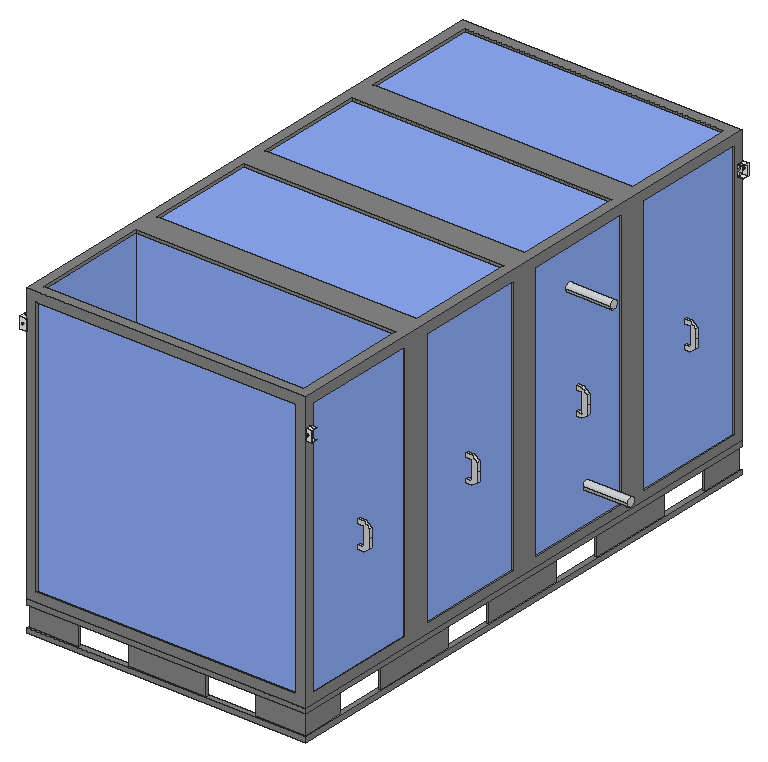
Revit family "34.1 Секция фильтрования, вод. нагр. и вент. выброс вверх и резервным эл.двигателем ANR A2 REZ", category Оборудование, Revit 2016
Family settings
  Тип детали = Нормальный
  Размер круглого соединителя = Использовать диаметр
  На основе рабочей плоскости = Нет
  Всегда вертикально = Да
  При загрузке вырезать с полостями = Нет
  Общий = Нет
  Точка расчета площади = Нет
Parameters (values of type "ANR 6 A2 REZ")
  Ширина = А - 75 mm  # 1025 mm
  Ш2 = Д2 - 80 mm  # 452.5 mm
  Синий = Синий
  Середина = h + Б1 / 2  # 670 mm
  Размер В = 735 mm
  Г = 85 mm  # constant formula
  Д3 = Д1 / 8  # 266.25 mm
  Д2 = Д1 / 4  # 532.5 mm
  Д1 = Д - 20 mm  # 2130 mm
  Д = 2150 mm  # constant formula
  ножки(да/нет) [instance] = no
  Высота = Б - 75 mm  # 1025 mm
  Б1 = Б - 20 mm  # 1080 mm
  А1 = А - 20 mm  # 1080 mm
  А = 1100 mm
  высота ножек = 120 mm
  Б = 1100 mm
  Частотный преобразователь [instance] = no
  Частота вращения n, об/мин = ""
  Тип, марка, обозначение = "ANR 6 A2 REZ"
  Сила тока J, А = ""
  Регулятор расхода [instance] = no
  Раздел = "ОВ"
  Примечание = ""
  Позиция = ""
  Напряжение U,В = ""
  Наименование и тех.хар-ка = "Секция фильтрования EU4, водяного нагрева вместе с вентилятором выброс вверх"  # constant formula
  Мощность двигателя N,Вт = ""
  Материал = Сталь серая
  Масса единицы = ""
  Код, оборудования = ""
  Ключевая пометка = "Вентиляция"
  Задание электрикам [instance] = no
  Задание автоматчикам [instance] = no
  Завод изготовитель = "KORF"  # constant formula
  Единица измерения = "шт."  # constant formula
  h = высота ножек + 10 mm  # 130 mm
  d = 31.8 mm
Types (4, lengths in mm): name | Ширина | Середина | Размер В | Высота | Б1 | А1 | А | Б | Тип, марка, обозначение | d
  ANR 6 A2 REZ | 1025 | 670 | 735 | 1025 | 1080 | 1080 | 1100 | 1100 | "ANR 6 A2 REZ" | 31.8
  ANR 7 A2 REZ | 1025 | 780 | 985 | 1245 | 1300 | 1080 | 1100 | 1320 | "ANR 7 A2 REZ" | 38.1
  ANR 8 A2 REZ | 1245 | 780 | 985 | 1245 | 1300 | 1300 | 1320 | 1320 | "ANR 8 A2 REZ" | 38.1
  ANR 12 A2 REZ | 1360 | 837.5 | 1060 | 1360 | 1415 | 1415 | 1435 | 1435 | "ANR 12 A2 REZ" | 50.8
Reference planes
  plane 1 "По центру (Вперед/Назад)": y = 0
  plane 2: z = 0
  plane 3 "По центру (Влево/Вправо)": x = 0
  plane 4: x = -540
  plane 5: x = 540
  plane 6: y = 1065
  plane 7: y = -1065
  plane 8: z = 1210
  plane 9: z = 130
  plane 10: z = 670
  plane 11: z = 1110
  plane 12: x = 590
  plane 13: z = 1220
  plane 14: x = 725
  plane 15: y = -532.5
  plane 16: y = 532.5
  plane 17: y = -480.5
  plane 18: y = -584.474
  plane 19: y = 480.5
  plane 20: y = 584.5
  plane 21: y = 798.75
  plane 22: y = -798.75
  plane 23: x = 550
  plane 24: y = 898.75
  plane 25: y = 698.75
  plane 26: y = -898.75
  plane 27: y = -698.75
  plane 28: z = 120
  plane 29: y = 266.25
  plane 30: y = -266.25
  plane 31: y = 52
  plane 32: y = -52
  plane 33: y = -366.25
  plane 34: y = -166.25
  plane 35: y = 166.25
  plane 36: y = 366.25
  plane 37: x = -550
  plane 38: y = 223.75
  plane 39: y = 308.75
  plane 40: z = 1037.5
  plane 41: z = 302.5
  plane 42: y = 850.75
  plane 43: y = 746.75
  plane 44: z = 1220
Forms (mm)
  Extrusion 1, solid, material "Синий" <- "Синий", detail levels fine
    sketch origin (0, 0, 50) x (1, 0, 0) y (0, 1, 0)
      loop
        line (-540, 1065) -> (-540, -1065) -> (540, -1065) -> (540, 1065) -> (-540, 1065)
    from 80 to 1160
  Sweep 2, solid, material "Сталь серая" <- "Материал", detail levels fine
    path origin (540, -1065, 50) x (-1, 0, 0) y (0, 0, -1)
      loop
        line (0, -1160) -> (1080, -1160) -> (1080, -80) -> (0, -80) -> (0, -1160)
    profile "Профиль уголок 10х10 : Профиль уголок 10х10" origin (0, -1065, 1210) x (0, 0, -1) y (0, -1, 0)
      loop
        line (0, -27.5) -> (0, 0) -> (27.5, 0) -> (27.5, 10) -> (-10, 10) -> (-10, -27.5) -> (0, -27.5)
  Sweep 3, solid, material "Сталь серая" <- "Материал", detail levels fine
    path origin (-540, 1065, 50) x (1, 0, 0) y (0, 0, -1)
      loop
        line (0, -1160) -> (1080, -1160) -> (1080, -80) -> (0, -80) -> (0, -1160)
    profile "Профиль уголок 10х10 : Профиль уголок 10х10" origin (0, 1065, 1210) x (0, 0, -1) y (0, 1, 0)
      loop
        line (0, -27.5) -> (0, 0) -> (27.5, 0) -> (27.5, 10) -> (-10, 10) -> (-10, -27.5) -> (0, -27.5)
  Sweep 4, solid, material "Сталь серая" <- "Материал", detail levels fine
    path origin (540, 1065, 50) x (0, -1, 0) y (0, 0, -1)
      loop
        line (0, -1160) -> (2130, -1160) -> (2130, -80) -> (0, -80) -> (0, -1160)
    profile "Профиль уголок 10х10 : Профиль уголок 10х10" origin (540, 0, 1210) x (0, 0, -1) y (1, 0, 0)
      loop
        line (0, -27.5) -> (0, 0) -> (27.5, 0) -> (27.5, 10) -> (-10, 10) -> (-10, -27.5) -> (0, -27.5)
  Sweep 5, solid, material "Сталь серая" <- "Материал", detail levels fine
    path origin (-540, -1065, 50) x (0, 1, 0) y (0, 0, -1)
      loop
        line (0, -1160) -> (2130, -1160) -> (2130, -80) -> (0, -80) -> (0, -1160)
    profile "Профиль уголок 10х10 : Профиль уголок 10х10" origin (-540, 0, 1210) x (0, 0, -1) y (-1, 0, 0)
      loop
        line (0, -27.5) -> (0, 0) -> (27.5, 0) -> (27.5, 10) -> (-10, 10) -> (-10, -27.5) -> (0, -27.5)
  Extrusion 6, void, not visible
    sketch origin (-345, -245, 50) x (0, -1, 0) y (0, 0, -1)
      loop
        line (-477.965, -475) -> (-477.965, -450) -> (-528.913, -450) -> (-528.913, -475) -> (-477.965, -475)
    from -47.452 to 12
  Sweep 7, solid, material "Сталь серая" <- "Материал", detail levels fine
    path origin (0, 0, 0) x (1, 0, 0) y (0, 1, 0)
      loop
        line (-540, 1065) -> (-540, -1065) -> (540, -1065) -> (540, 1065) -> (-540, 1065)
    profile "Семейство1 : Семейство1" origin (0, 1065, 0) x (0, 1, 0) y (0, 0, 1)
      loop
        line (-10, 120) -> (-10, 100) -> (-3.38, 100) -> (-3.38, 20) -> (-10, 20) -> (-10, 0) -> (10, 0) -> (10, 20) -> (3.38, 20) -> (3.38, 100) -> (10, 100) -> (10, 120) -> (-10, 120)
  Extrusion 8, void
    sketch origin (0, 0, 0) x (1, 0, 0) y (0, 0, 1)
      loop
        line (152.369, 100) -> (152.369, 20) -> (348.798, 20) -> (348.798, 100) -> (152.369, 100)
      loop
        line (-152.369, 100) -> (-348.798, 100) -> (-348.798, 20) -> (-152.369, 20) -> (-152.369, 100)
    from -1075 to 1075
  Extrusion 9, solid, material "Сталь серая" <- "Материал", detail levels fine
    sketch origin (560, -260, 0) x (0, 1, 0) y (0, 0, 1)
      loop
        line (-324.474, 1182.5) -> (-324.474, 157.5) -> (-220.5, 157.5) -> (-220.5, 1182.5) -> (-324.474, 1182.5)
    from -10 to -20
  Extrusion 10, solid, material "Сталь серая" <- "Материал", detail levels fine
    sketch origin (560, 262.3, -4.8) x (0, 1, 0) y (0, 0, 1)
      loop
        line (218.2, 1187.3) -> (218.2, 162.3) -> (322.2, 162.3) -> (322.2, 1187.3) -> (218.2, 1187.3)
    from -10 to -20
  Extrusion 11, solid, material "Сталь серая" <- "Материал", detail levels fine
    sketch origin (560, -237.9, -24.6) x (0, 1, 0) y (0, 0, 1)
      loop
        line (185.9, 1207.1) -> (185.9, 182.1) -> (289.9, 182.1) -> (289.9, 1207.1) -> (185.9, 1207.1)
    from -10 to -20
  Extrusion 12, solid, material "Сталь серая" <- "Материал", detail levels fine
    sketch origin (0, 0, 0) x (1, 0, 0) y (0, 1, 0)
      loop
        line (-512.5, 52) -> (-512.5, -52) -> (540, -52) -> (540, 52) -> (-512.5, 52)
    from 1210 to 1220
  Extrusion 13, void
    sketch origin (0, 0, 0) x (0, 1, 0) y (0, 0, 1)
      loop
        line (-898.75, 100) -> (-898.75, 20) -> (-698.75, 20) -> (-698.75, 100) -> (-898.75, 100)
      loop
        line (-366.25, 100) -> (-366.25, 20) -> (-166.25, 20) -> (-166.25, 100) -> (-366.25, 100)
      loop
        line (166.25, 100) -> (166.25, 20) -> (366.25, 20) -> (366.25, 100) -> (166.25, 100)
      loop
        line (698.75, 100) -> (698.75, 20) -> (898.75, 20) -> (898.75, 100) -> (698.75, 100)
    from -550 to 550
  Extrusion 14, solid, detail levels fine
    sketch origin (0, 0, 0) x (0, 1, 0) y (0, 0, 1)
      loop
        circle (223.75, 1037.5) r 15.9
    from 550 to 725
  Extrusion 15, solid, detail levels fine
    sketch origin (0, 0, 0) x (0, 1, 0) y (0, 0, 1)
      loop
        circle (308.75, 302.5) r 15.9
    from 550 to 725
  Extrusion 16, solid, material "Сталь серая" <- "Материал", detail levels fine
    sketch origin (-87.5, -684.75, 0) x (1, 0, 0) y (0, 1, 0)
      loop
        line (-425, 1269.25) -> (-425, 1165.25) -> (627.5, 1165.25) -> (627.5, 1269.25) -> (-425, 1269.25)
    from 1210 to 1220
  Extrusion 17, solid, material "Сталь серая" <- "Материал", detail levels fine
    sketch origin (0, -419.827, 0) x (1, 0, 0) y (0, 1, 0)
      loop
        line (-512.5, -60.673) -> (-512.5, -164.648) -> (540, -164.648) -> (540, -60.673) -> (-512.5, -60.673)
    from 1210 to 1220
  Extrusion 18, void
    sketch origin (0, 0, 0) x (1, 0, 0) y (0, 1, 0)
      loop
        line (512.5, -1037.5) -> (512.5, -584.474) -> (-512.5, -584.474) -> (-512.5, -1037.5) -> (512.5, -1037.5)
    from 157.5 to 1696.937
Cuts and joins
  joined: Sweep 2, Sweep 3, Sweep 4, Sweep 5, Extrusion 9, Extrusion 10, Extrusion 11, Extrusion 12, Extrusion 16, Extrusion 17
  Extrusion 8, Extrusion 13 cuts Sweep 7
  Extrusion 18 cuts Extrusion 1
Lines and regions (mm)
  model lines, detail levels coarse
    curve 1: line (-550, 1075, 0) -> (550, 1075, 0)
    curve 2: line (-550, -1075, 0) -> (-550, 1075, 0)
    curve 3: line (550, -1075, 0) -> (-550, -1075, 0)
    curve 4: line (550, 1075, 0) -> (550, -1075, 0)
    curve 33: circle (0, 266.25, 0) r 210 normal (0, 0, 1)
    curve 34: line (0, 476.25, 0) -> (0, 56.25, 0)
    curve 35: line (-210, 266.25, 0) -> (210, 266.25, 0)
    curve 36: circle (0, -532.5, 0) r 240 normal (0, 0, 1)
    curve 37: line (0, -772.5, 0) -> (-211.907, -419.827, 0)
    curve 38: line (0, -772.5, 0) -> (211.907, -419.827, 0)
    curve 39: line (-211.907, -419.827, 0) -> (211.907, -419.827, 0)
    curve 40: line (-523.076, 747.57, 0) -> (-503.076, 747.57, 0)
    curve 41: line (-503.076, 747.57, 0) -> (-464.915, 943.896, 0)
    curve 42: line (-464.915, 943.896, 0) -> (-414.915, 943.896, 0)
    curve 43: line (-376.753, 747.57, 0) -> (-414.915, 943.896, 0)
    curve 44: line (-376.753, 747.57, 0) -> (-356.753, 747.57, 0)
    curve 45: line (-356.753, 747.57, 0) -> (-318.591, 943.896, 0)
    curve 46: line (-318.591, 943.896, 0) -> (-268.591, 943.896, 0)
    curve 47: line (-230.429, 747.57, 0) -> (-268.591, 943.896, 0)
    curve 48: line (-230.429, 747.57, 0) -> (-210.429, 747.57, 0)
    curve 49: line (-210.429, 747.57, 0) -> (-172.267, 943.896, 0)
    curve 50: line (-172.267, 943.896, 0) -> (-122.267, 943.896, 0)
    curve 51: line (-84.106, 747.57, 0) -> (-122.267, 943.896, 0)
    curve 52: line (-84.106, 747.57, 0) -> (-64.106, 747.57, 0)
    curve 53: line (-64.106, 747.57, 0) -> (-25.944, 943.896, 0)
    curve 54: line (-25.944, 943.896, 0) -> (24.056, 943.896, 0)
    curve 55: line (62.218, 747.57, 0) -> (24.056, 943.896, 0)
    curve 56: line (62.218, 747.57, 0) -> (82.218, 747.57, 0)
    curve 57: line (82.218, 747.57, 0) -> (120.38, 943.896, 0)
    curve 58: line (120.38, 943.896, 0) -> (170.38, 943.896, 0)
    curve 59: line (208.542, 747.57, 0) -> (170.38, 943.896, 0)
    curve 60: line (208.542, 747.57, 0) -> (228.542, 747.57, 0)
    curve 61: line (228.542, 747.57, 0) -> (266.703, 943.896, 0)
    curve 62: line (266.703, 943.896, 0) -> (316.703, 943.896, 0)
    curve 63: line (354.865, 747.57, 0) -> (316.703, 943.896, 0)
    curve 64: line (354.865, 747.57, 0) -> (374.865, 747.57, 0)
    curve 65: line (374.865, 747.57, 0) -> (413.027, 943.896, 0)
    curve 66: line (413.027, 943.896, 0) -> (463.027, 943.896, 0)
    curve 67: line (501.189, 747.57, 0) -> (463.027, 943.896, 0)
    curve 157: line (-550, 532.5, 0) -> (550, 532.5, 0)
    curve 158: line (-550, 0, 0) -> (550, 0, 0)
  model lines, not visible, detail levels coarse
    curve 5: line (-523.076, -747.57, 0) -> (-503.076, -747.57, 0)
    curve 6: line (-503.076, -747.57, 0) -> (-464.915, -943.896, 0)
    curve 7: line (-464.915, -943.896, 0) -> (-414.915, -943.896, 0)
    curve 8: line (-376.753, -747.57, 0) -> (-414.915, -943.896, 0)
    curve 9: line (-376.753, -747.57, 0) -> (-356.753, -747.57, 0)
    curve 10: line (-356.753, -747.57, 0) -> (-318.591, -943.896, 0)
    curve 11: line (-318.591, -943.896, 0) -> (-268.591, -943.896, 0)
    curve 12: line (-230.429, -747.57, 0) -> (-268.591, -943.896, 0)
    curve 13: line (-230.429, -747.57, 0) -> (-210.429, -747.57, 0)
    curve 14: line (-210.429, -747.57, 0) -> (-172.267, -943.896, 0)
    curve 15: line (-172.267, -943.896, 0) -> (-122.267, -943.896, 0)
    curve 16: line (-84.106, -747.57, 0) -> (-122.267, -943.896, 0)
    curve 17: line (-84.106, -747.57, 0) -> (-64.106, -747.57, 0)
    curve 18: line (-64.106, -747.57, 0) -> (-25.944, -943.896, 0)
    curve 19: line (-25.944, -943.896, 0) -> (24.056, -943.896, 0)
    curve 20: line (62.218, -747.57, 0) -> (24.056, -943.896, 0)
    curve 21: line (62.218, -747.57, 0) -> (82.218, -747.57, 0)
    curve 22: line (82.218, -747.57, 0) -> (120.38, -943.896, 0)
    curve 23: line (120.38, -943.896, 0) -> (170.38, -943.896, 0)
    curve 24: line (208.542, -747.57, 0) -> (170.38, -943.896, 0)
    curve 25: line (208.542, -747.57, 0) -> (228.542, -747.57, 0)
    curve 26: line (228.542, -747.57, 0) -> (266.703, -943.896, 0)
    curve 27: line (266.703, -943.896, 0) -> (316.703, -943.896, 0)
    curve 28: line (354.865, -747.57, 0) -> (316.703, -943.896, 0)
    curve 29: line (354.865, -747.57, 0) -> (374.865, -747.57, 0)
    curve 30: line (374.865, -747.57, 0) -> (413.027, -943.896, 0)
    curve 31: line (413.027, -943.896, 0) -> (463.027, -943.896, 0)
    curve 32: line (501.189, -747.57, 0) -> (463.027, -943.896, 0)
  model lines, detail levels medium
    curve 68: line (0, -1075, 1210) -> (0, 1075, 1210)
    curve 69: line (0, -1075, 0) -> (0, -1075, 1210)
    curve 70: line (0, 1075, 0) -> (0, -1075, 0)
    curve 71: line (0, 1075, 1210) -> (0, 1075, 0)
    curve 72: line (0, 0, 1210) -> (0, 0, 0)
    curve 73: line (0, 532.5, 1210) -> (0, 532.5, 0)
    curve 74: circle (0, 266.25, 670) r 150 normal (1, 0, 0)
    curve 75: line (0, 266.25, 820) -> (0, 266.25, 520)
    curve 76: line (0, 116.25, 670) -> (0, 416.25, 670)
    curve 77: line (0, 698.255, 1196.611) -> (0, 698.255, 1176.611)
    curve 78: line (0, 698.255, 1176.611) -> (0, 841.052, 1151.432)
    curve 79: line (0, 841.052, 1151.432) -> (0, 841.052, 1111.432)
    curve 80: line (0, 698.255, 1086.253) -> (0, 841.052, 1111.432)
    curve 81: line (0, 698.255, 1086.253) -> (0, 698.255, 1066.253)
    curve 82: line (0, 698.255, 1066.253) -> (0, 841.052, 1041.074)
    curve 83: line (0, 841.052, 1041.074) -> (0, 841.052, 1001.074)
    curve 84: line (0, 698.255, 975.895) -> (0, 841.052, 1001.074)
    curve 85: line (0, 698.255, 975.895) -> (0, 698.255, 955.895)
    curve 86: line (0, 698.255, 955.895) -> (0, 841.052, 930.716)
    curve 87: line (0, 841.052, 930.716) -> (0, 841.052, 890.716)
    curve 88: line (0, 698.255, 865.537) -> (0, 841.052, 890.716)
    curve 89: line (0, 698.255, 865.537) -> (0, 698.255, 845.537)
    curve 90: line (0, 698.255, 845.537) -> (0, 841.052, 820.358)
    curve 91: line (0, 841.052, 820.358) -> (0, 841.052, 780.358)
    curve 92: line (0, 698.255, 755.179) -> (0, 841.052, 780.358)
    curve 93: line (0, 698.255, 755.179) -> (0, 698.255, 735.179)
    curve 94: line (0, 698.255, 735.179) -> (0, 841.052, 710)
    curve 95: line (0, 841.052, 710) -> (0, 841.052, 670)
    curve 96: line (0, 698.255, 644.821) -> (0, 841.052, 670)
    curve 97: line (0, 698.255, 644.821) -> (0, 698.255, 624.821)
    curve 98: line (0, 698.255, 624.821) -> (0, 841.052, 599.642)
    curve 99: line (0, 841.052, 599.642) -> (0, 841.052, 559.642)
    curve 100: line (0, 698.255, 534.463) -> (0, 841.052, 559.642)
    curve 101: line (0, 698.255, 534.463) -> (0, 698.255, 514.463)
    curve 102: line (0, 698.255, 514.463) -> (0, 841.052, 489.284)
    curve 103: line (0, 841.052, 489.284) -> (0, 841.052, 449.284)
    curve 104: line (0, 698.255, 424.105) -> (0, 841.052, 449.284)
    curve 105: line (0, 698.255, 424.105) -> (0, 698.255, 404.105)
    curve 106: line (0, 698.255, 404.105) -> (0, 841.052, 378.926)
    curve 107: line (0, 841.052, 378.926) -> (0, 841.052, 338.926)
    curve 108: line (0, 698.255, 313.747) -> (0, 841.052, 338.926)
    curve 109: line (0, 698.255, 313.747) -> (0, 698.255, 293.747)
    curve 110: line (0, 698.255, 293.747) -> (0, 841.052, 268.568)
    curve 111: line (0, 841.052, 268.568) -> (0, 841.052, 228.568)
    curve 112: line (0, 698.255, 203.389) -> (0, 841.052, 228.568)
    curve 149: circle (0, -532.5, 670) r 240 normal (1, 0, 0)
    curve 150: line (0, -532.5, 910) -> (0, -751.751, 572.383)
    curve 151: line (0, -532.5, 910) -> (0, -313.249, 572.383)
    curve 152: line (0, -751.751, 572.383) -> (0, -313.249, 572.383)
  model lines, not visible, detail levels medium
    curve 113: line (0, 718.05, 1124.27) -> (0, 718.05, 1104.27)
    curve 114: line (0, 718.05, 1104.27) -> (0, 860.847, 1079.091)
    curve 115: line (0, 860.847, 1079.091) -> (0, 860.847, 1039.091)
    curve 116: line (0, 718.05, 1013.912) -> (0, 860.847, 1039.091)
    curve 117: line (0, 718.05, 1013.912) -> (0, 718.05, 993.912)
    curve 118: line (0, 718.05, 993.912) -> (0, 860.847, 968.733)
    curve 119: line (0, 860.847, 968.733) -> (0, 860.847, 928.733)
    curve 120: line (0, 718.05, 903.554) -> (0, 860.847, 928.733)
    curve 121: line (0, 718.05, 903.554) -> (0, 718.05, 883.554)
    curve 122: line (0, 718.05, 883.554) -> (0, 860.847, 858.375)
    curve 123: line (0, 860.847, 858.375) -> (0, 860.847, 818.375)
    curve 124: line (0, 718.05, 793.196) -> (0, 860.847, 818.375)
    curve 125: line (0, 718.05, 793.196) -> (0, 718.05, 773.196)
    curve 126: line (0, 718.05, 773.196) -> (0, 860.847, 748.017)
    curve 127: line (0, 860.847, 748.017) -> (0, 860.847, 708.017)
    curve 128: line (0, 718.05, 682.838) -> (0, 860.847, 708.017)
    curve 129: line (0, 718.05, 682.838) -> (0, 718.05, 662.838)
    curve 130: line (0, 718.05, 662.838) -> (0, 860.847, 637.659)
    curve 131: line (0, 860.847, 637.659) -> (0, 860.847, 597.659)
    curve 132: line (0, 718.05, 572.48) -> (0, 860.847, 597.659)
    curve 133: line (0, 718.05, 572.48) -> (0, 718.05, 552.48)
    curve 134: line (0, 718.05, 552.48) -> (0, 860.847, 527.301)
    curve 135: line (0, 860.847, 527.301) -> (0, 860.847, 487.301)
    curve 136: line (0, 718.05, 462.122) -> (0, 860.847, 487.301)
    curve 137: line (0, 718.05, 462.122) -> (0, 718.05, 442.122)
    curve 138: line (0, 718.05, 442.122) -> (0, 860.847, 416.943)
    curve 139: line (0, 860.847, 416.943) -> (0, 860.847, 376.943)
    curve 140: line (0, 718.05, 351.764) -> (0, 860.847, 376.943)
    curve 141: line (0, 718.05, 351.764) -> (0, 718.05, 331.764)
    curve 142: line (0, 718.05, 331.764) -> (0, 860.847, 306.585)
    curve 143: line (0, 860.847, 306.585) -> (0, 860.847, 266.585)
    curve 144: line (0, 718.05, 241.406) -> (0, 860.847, 266.585)
    curve 145: line (0, 718.05, 241.406) -> (0, 718.05, 221.406)
    curve 146: line (0, 718.05, 221.406) -> (0, 860.847, 196.227)
    curve 147: line (0, 860.847, 196.227) -> (0, 860.847, 156.227)
    curve 148: line (0, 718.05, 131.048) -> (0, 860.847, 156.227)
    curve 153: circle (0, -532.5, 670) r 240 normal (1, 0, 0)
    curve 154: line (0, -532.5, 910) -> (0, -751.751, 572.383)
    curve 155: line (0, -532.5, 910) -> (0, -313.249, 572.383)
    curve 156: line (0, -751.751, 572.383) -> (0, -313.249, 572.383)
Dimensions and locks
  equal spacing: plane 6, plane 1 "По центру (Вперед/Назад)", plane 7
  "Д1": plane 6 to plane 7
  equal spacing: plane 4, plane 3 "По центру (Влево/Вправо)", plane 5
  "А1": plane 4 to plane 5
  "h": plane 9 to level
  "Б1": plane 8 to plane 9
  cut or joined group 1 (Sweep 2, Sweep 3, Sweep 4, Sweep 5, Extrusion 9, Extrusion 10, Extrusion 11, Extrusion 12, Extrusion 16, Extrusion 17) to level = 120 mm
  locked: plane 3 "По центру (Влево/Вправо)" to cut or joined group of Sweep 7, Extrusion 8, Extrusion 13 at 152.369
  locked: cut or joined group of Sweep 7, Extrusion 8, Extrusion 13 to plane 3 "По центру (Влево/Вправо)" at 152.369
  "Середина": plane 10 to level
  Extrusion 9 sketch curve to Extrusion 9 sketch curve to plane 1 "По центру (Вперед/Назад)" = 103.974 mm, 480.5 mm
  locked: plane 8 to plane 11 at 100
  locked: plane 12 to plane 5 at 50
  plane 1 "По центру (Вперед/Назад)" to plane 7 = 1065 mm
  plane 6 to plane 1 "По центру (Вперед/Назад)" = 1065 mm
  locked: plane 13 to plane 8 at 10
  locked: plane 14 to plane 5 at 185
  "Д2": plane 7 to plane 15
  "Д2": plane 16 to plane 6
  plane 18 to plane 15 to plane 17 = 51.974 mm locked, 52 mm locked
  Extrusion 10 sketch curve to Extrusion 10 sketch curve = 104 mm
  plane 19 to plane 16 to plane 20 = 52 mm locked, 52 mm locked
  "Д3": plane 21 to plane 6
  "Д3": plane 7 to plane 22
  locked: plane 23 to plane 5 at 10
  locked: plane 25 to plane 24 at 200
  equal spacing: plane 25, plane 21, plane 24
  equal spacing: plane 26, plane 22, plane 27
  locked: plane 26 to plane 27 at 200
  locked: plane 9 to plane 28 at 10
  "Д3": plane 30 to plane 1 "По центру (Вперед/Назад)"
  "Д3": plane 1 "По центру (Вперед/Назад)" to plane 29
  plane 32 to plane 1 "По центру (Вперед/Назад)" to plane 31 = 52 mm locked, 52 mm locked
  Extrusion 11 sketch curve to Extrusion 11 sketch curve = 104 mm
  equal spacing: plane 35, plane 29, plane 36
  equal spacing: plane 33, plane 30, plane 34
  locked: plane 33 to plane 34 at 200
  locked: plane 35 to plane 36 at 200
  locked: plane 37 to plane 4 at 10
  equal spacing: plane 40, plane 10, plane 41
  "Размер В": plane 40 to plane 41
  equal spacing: plane 38, plane 29, plane 39
  "Г": plane 38 to plane 39
  plane 42 to plane 21 to plane 43 = 52 mm locked, 52 mm locked
  locked: plane 44 to plane 8 at 10
  "d": diameter of Extrusion 14 sketch curve
  "d": diameter of Extrusion 15 sketch curve
  aligned and locked: level to plane 2
  aligned and locked: plane 6 to Extrusion 1
  aligned and locked: Extrusion 1 to plane 5
  aligned and locked: Extrusion 1 to plane 7
  aligned and locked: Extrusion 1 to plane 4
  aligned and locked: plane 8 to Extrusion 1
  aligned and locked: Extrusion 1 to plane 9
  aligned and locked: Sweep 4 sketch curve to Extrusion 1  (x2)
  aligned and locked: Sweep 5 sketch curve to Extrusion 1  (x2)
  aligned and locked: Sweep 7 sketch curve to Extrusion 1  (x4)
  aligned and locked: Sweep 7 to Extrusion 8  (x2)
  aligned and locked: Extrusion 9 to cut or joined group 1  (x4)
  aligned and locked: nested 3 to cut or joined group 1  (x2)
  aligned and locked: nested 3 to plane 11
  aligned and locked: nested 4 to plane 11
  aligned and locked: cut or joined group 1 to nested 4  (x2)
  aligned and locked: cut or joined group 1 to nested 3
  aligned and locked: cut or joined group 1 to nested 6
  aligned and locked: nested 5 to cut or joined group 1
  aligned and locked: plane 11 to nested 6
  aligned and locked: plane 11 to nested 5
  aligned and locked: Extrusion 9 to Extrusion 1
  aligned and locked: nested 2 to plane 12
  aligned and locked: nested 6 to cut or joined group 1
  aligned and locked: cut or joined group 1 to nested 5
  aligned and locked: nested 2 to plane 10  (x2)
  aligned and locked: nested 7 to plane 10  (x2)
  aligned and locked: nested 7 to plane 12  (x2)
  aligned and locked: plane 18 to Extrusion 9
  aligned and locked: Extrusion 9 to plane 17
  aligned and locked: plane 19 to Extrusion 10
  aligned and locked: Extrusion 10 to plane 20
  aligned and locked: Extrusion 10 to cut or joined group 1  (x2)
  aligned and locked: nested 7 to plane 21
  aligned and locked: nested 2 to plane 22
  aligned and locked: nested 8 to plane 12
  aligned and locked: plane 12 to nested 7
  aligned and locked: Extrusion 10 to Extrusion 9
  aligned and locked: Extrusion 10 to plane 5
  aligned and locked: Extrusion 9 to plane 23
  aligned and locked: nested 9 to plane 29
  aligned and locked: nested 9 to plane 10
  aligned and locked: nested 8 to plane 30
  aligned and locked: nested 8 to plane 10
  aligned and locked: Extrusion 11 to plane 32
  aligned and locked: Extrusion 11 to plane 31
  aligned and locked: Extrusion 11 to cut or joined group 1  (x2)
  aligned and locked: plane 31 to Extrusion 12
  aligned and locked: Extrusion 12 to plane 32
  aligned and locked: plane 13 to Extrusion 12
  aligned and locked: Extrusion 12 to plane 8
  aligned and locked: nested 9 to plane 12
  aligned and locked: plane 5 to Extrusion 11
  aligned and locked: Extrusion 11 to plane 23
  aligned and locked: Extrusion 13 to cut or joined group of Sweep 7, Extrusion 8, Extrusion 13  (x2)
  aligned and locked: Extrusion 13 to plane 26
  aligned and locked: plane 27 to Extrusion 13
  aligned and locked: plane 33 to Extrusion 13
  aligned and locked: Extrusion 13 to plane 34
  aligned and locked: plane 35 to Extrusion 13
  aligned and locked: plane 36 to Extrusion 13
  aligned and locked: Extrusion 13 to plane 25
  aligned and locked: plane 24 to Extrusion 13
  aligned and locked: Extrusion 13 to plane 23
  aligned and locked: plane 37 to Extrusion 13
  aligned and locked: plane 14 to Extrusion 15
  aligned and locked: plane 14 to Extrusion 14
  aligned and locked: plane 23 to Extrusion 14
  aligned and locked: plane 23 to Extrusion 15
  aligned and locked: plane 44 to Extrusion 16
  aligned and locked: Extrusion 16 to plane 8
  aligned and locked: plane 19 to Extrusion 16
  aligned and locked: Extrusion 16 to plane 20
  aligned and locked: Extrusion 16 to cut or joined group 1
  aligned and locked: Extrusion 12 to cut or joined group 1
  aligned and locked: plane 5 to Extrusion 12
  aligned and locked: plane 5 to Extrusion 16
  aligned and locked: curve 1 to cut or joined group 1
  aligned and locked: curve 2 to cut or joined group 1
  aligned and locked: curve 3 to cut or joined group of Sweep 7, Extrusion 8, Extrusion 13
  aligned and locked: curve 4 to cut or joined group 1
  aligned and locked: plane 18 to Extrusion 17
  aligned and locked: Extrusion 17 to plane 17
  aligned and locked: curve 69 to cut or joined group 1
  aligned and locked: curve 70 to curve 2
  aligned and locked: curve 71 to cut or joined group of Sweep 7, Extrusion 8, Extrusion 13
  aligned and locked: curve 73 to plane 16
  aligned and locked: curve 75 to plane 29
  aligned and locked: curve 76 to plane 10
  aligned and locked: plane 10 to curve 96
  aligned and locked: Extrusion 17 to Extrusion 1
  aligned and locked: cut or joined group 1 to Extrusion 18 sketch curve  (x3)
  aligned and locked: Extrusion 18 sketch curve to cut or joined group 1
  aligned and locked: Extrusion 18 to cut or joined group 1
  aligned and locked: curve 68 to plane 8
  aligned and locked: curve 157 to plane 16
  aligned and locked: plane 1 "По центру (Вперед/Назад)" to curve 158
Automatic sketch dimensions
  Extrusion 6 sketch curve to Extrusion 6 sketch curve = 50.949 mm
  Extrusion 6 sketch curve to Extrusion 6 sketch curve = 25 mm
  Extrusion 1 sketch curve to plane 4 = 0 mm
  Extrusion 1 sketch curve to plane 5 = 0 mm
  Extrusion 1 sketch curve to plane 7 = 0 mm
  Extrusion 1 sketch curve to plane 6 = 0 mm
  Sweep 2 sketch curve to Extrusion 1 = 0 mm  (x4)
  Sweep 3 sketch curve to Extrusion 1 = 0 mm  (x3)
  Extrusion 1 to Sweep 3 sketch curve = 0 mm
  Sweep 4 sketch curve to Extrusion 1 = 0 mm  (x2)
  Sweep 5 sketch curve to Extrusion 1 = 0 mm  (x2)
  plane 28 to Extrusion 8 sketch curve = 20 mm  (x2)
  plane 4 to Extrusion 8 sketch curve = 191.202 mm
  level to Extrusion 8 sketch curve = 20 mm  (x2)
  Extrusion 8 sketch curve to plane 3 "По центру (Влево/Вправо)" = 152.369 mm
  plane 3 "По центру (Влево/Вправо)" to Extrusion 8 sketch curve = 152.369 mm
  Extrusion 8 sketch curve to plane 5 = 191.202 mm
  plane 9 to Extrusion 9 sketch curve = 27.5 mm
  Extrusion 9 sketch curve to plane 8 = 27.5 mm
  Extrusion 10 sketch curve to plane 19 = 0 mm
  plane 9 to Extrusion 10 sketch curve = 27.5 mm
  Extrusion 10 sketch curve to plane 8 = 27.5 mm
  Extrusion 11 sketch curve to plane 32 = 0 mm
  plane 9 to Extrusion 11 sketch curve = 27.5 mm
  Extrusion 11 sketch curve to plane 8 = 27.5 mm
  Extrusion 12 sketch curve to plane 32 = 0 mm
  Extrusion 12 sketch curve to plane 31 = 0 mm
  Extrusion 12 sketch curve to plane 5 = 0 mm
  plane 4 to Extrusion 12 sketch curve = 27.5 mm
  Extrusion 13 sketch curve to plane 26 = 0 mm
  Extrusion 13 sketch curve to plane 27 = 0 mm
  Extrusion 13 sketch curve to plane 33 = 0 mm
  Extrusion 13 sketch curve to plane 34 = 0 mm
  Extrusion 13 sketch curve to plane 35 = 0 mm
  Extrusion 13 sketch curve to plane 36 = 0 mm
  Extrusion 13 sketch curve to plane 25 = 0 mm
  Extrusion 13 sketch curve to plane 24 = 0 mm
  level to Extrusion 13 sketch curve = 20 mm  (x4)
  plane 28 to Extrusion 13 sketch curve = 20 mm  (x4)
  plane 19 to Extrusion 16 sketch curve = 0 mm
  plane 20 to Extrusion 16 sketch curve = 0 mm
  Extrusion 16 sketch curve to plane 5 = 0 mm
  plane 4 to Extrusion 16 sketch curve = 27.5 mm
  plane 18 to Extrusion 17 sketch curve = 0 mm
  plane 17 to Extrusion 17 sketch curve = 0 mm
  Extrusion 17 sketch curve to plane 5 = 0 mm
  plane 4 to Extrusion 17 sketch curve = 27.5 mm
  curve 74 to plane 10 = 0 mm
  curve 74 to plane 29 = 0 mm
  curve 72 to plane 1 "По центру (Вперед/Назад)" = 0 mm
  plane 35 to curve 76 = 50 mm
  curve 35 to plane 29 = 0 mm
  curve 34 to plane 3 "По центру (Влево/Вправо)" = 0 mm
  curve 33 to plane 3 "По центру (Влево/Вправо)" = 0 mm
  curve 36 to plane 3 "По центру (Влево/Вправо)" = 0 mm
  curve 37 to plane 3 "По центру (Влево/Вправо)" = 0 mm
  curve 38 to plane 3 "По центру (Влево/Вправо)" = 0 mm
  curve 36 to plane 15 = 0 mm
  curve 33 to plane 29 = 0 mm
  plane 33 to curve 39 = 53.577 mm
  curve 39 to plane 3 "По центру (Влево/Вправо)" = 211.907 mm
  curve 35 to curve 33 = 210 mm
  Extrusion 14 sketch curve to plane 38 = 0 mm
  Extrusion 14 sketch curve to plane 40 = 0 mm
  Extrusion 15 sketch curve to plane 39 = 0 mm
  Extrusion 15 sketch curve to plane 41 = 0 mm
Nested families
  nested 1: "крепление 15мм" at (-330, 229.965, 495), type "крепление 15мм", not visible
  nested 2: "Ручка" at (552.018, -808.75, 621.108), type "Ручка", detail levels fine
  nested 3: "крепеж" at (574.5, -1075, 1065.175) x (-1, 0, 0) z (0, 0, 1), type "крепеж", detail levels fine
  nested 4: "крепеж" at (574.5, 1075, 1065.175) x (-1, 0, 0) z (0, 0, 1), type "крепеж", detail levels fine
  nested 5: "крепеж" at (-574.5, -1075, 1065.175), type "крепеж", detail levels fine
  nested 6: "крепеж" at (-574.5, 1075, 1065.175), type "крепеж", detail levels fine
  nested 7: "Ручка" at (552.018, 798.75, 621.108), type "Ручка", detail levels fine
  nested 8: "Ручка" at (552.018, -276.25, 621.108), type "Ручка", detail levels fine
  nested 9: "Ручка" at (552.018, 266.25, 621.108), type "Ручка", detail levels fine
  nested 10: "Ручка" at (552.018, -808.75, 621.108), type "Ручка", not visible, detail levels fine
Connectors
  piping at (725, 223.75, 1037.5), diameter 31.8, driven by "d"
    settings: on Extrusion 14, index 5, connector inside diameter 609.6 mm, connector length 0 mm, flow factor 0, pipe flow 0.0 L/s, pressure drop 0.0 Pa, fitting loss kfactor 0, connector angle 0.00°, fixture units 0, engagement length 0 mm, angle of deflection 0.00°, flow configuration 0, flow direction 0, fitting loss method 0, system type 28, joint type 0, gender type 0, connector reference index -1, connector utility 0, adjustable connector no, is connector primary yes, connector description ""
  piping at (725, 308.75, 302.5), diameter 31.8, driven by "d"
    settings: on Extrusion 15, index 6, connector inside diameter 609.6 mm, connector length 0 mm, flow factor 0, pipe flow 0.0 L/s, pressure drop 0.0 Pa, fitting loss kfactor 0, connector angle 0.00°, fixture units 0, engagement length 0 mm, angle of deflection 0.00°, flow configuration 0, flow direction 0, fitting loss method 0, system type 28, joint type 0, gender type 0, connector reference index -1, connector utility 0, adjustable connector no, is connector primary no, connector description ""
  hvac at (0, 1075, 670), driven by "Высота", driven by "Ширина"
    settings: on cut or joined group 1, index 9, duct flow 0.0 L/s, flow factor 0, pres drop 0.0 Pa, loss coef 0, conn angle 0.00°, conn width 1025 mm, conn height 1025 mm, conn diameter 609.6 mm, duct sys type 28, conn prof type 1, flow config 0, flow direction 0, loss method 0, conn ref index -1, conn util no, is conn primary yes, conn desc ""
  hvac at (0, -810.987, 1210), driven by "Высота", driven by "Ш2"
    settings: on cut or joined group of Extrusion 1, Extrusion 18, index 10, duct flow 0.0 L/s, flow factor 0, pres drop 0.0 Pa, loss coef 0, conn angle 0.00°, conn width 452.5 mm, conn height 1025 mm, conn diameter 609.6 mm, duct sys type 1, conn prof type 1, flow config 0, flow direction 0, loss method 0, conn ref index -1, conn util no, is conn primary no, conn desc ""
Definition of nested family "крепление 15мм"
  Parameters (values of type "крепление 15мм")
    Материал крепления = none
  Reference planes
    plane 1 "По центру (Вперед/Назад)": y = 0
    plane 2: z = 0
    plane 3 "По центру (Влево/Вправо)": x = 0
  Forms (mm)
    Extrusion 1, solid, material <- "Материал крепления"
      sketch origin (0, 0, 0) x (1, 0, 0) y (0, 1, 0)
        loop
          line (-25, 0) -> (0, 0) -> (0, 18.31) -> (0, 25) -> (-3, 25) -> (-3, 3) -> (-25, 3) -> (-25, 0)
      from 0 to 30
    Extrusion 2, void
      sketch origin (0, 0, 0) x (1, 0, 0) y (0, 1, 0)
        loop
          line (-3, 3) -> (-3, 54.96) -> (-58, 54.96) -> (-58, 3) -> (-3, 3)
      from 0 to 15
  Cuts and joins
    Extrusion 2 cuts Extrusion 1
  Dimensions and locks
    Extrusion 1 sketch curve to Extrusion 1 sketch curve = 3 mm  (x2)
    Extrusion 1 sketch curve to Extrusion 1 sketch curve to plane 3 "По центру (Влево/Вправо)" = 25 mm, 0 mm
    Extrusion 1 sketch curve to Extrusion 1 sketch curve = 25 mm
    aligned and locked: level to plane 2
Definition of nested family "Ручка"
  Parameters (values of type "Ручка")
    материал ручки = none
  Reference planes
    plane 1 "По центру (Вперед/Назад)": y = 0
    plane 2: z = 0
    plane 3 "По центру (Влево/Вправо)": x = 0
    plane 4: x = -37.982
    plane 5: x = 37.982
  Forms (mm)
    Extrusion 1, solid, material <- "материал ручки", not visible
      sketch origin (-3.982, 0, -4.834) x (0, 0, 1) y (-1, 0, 0)
        loop
          line (-52.874, -42.815) -> (53.726, -42.815) -> (53.726, 8.783) -> (36.069, 34) -> (1.069, 34) -> (-36.069, 34) -> (-52.874, 10) -> (-52.874, -42.815)
      from 0 to 10
    Extrusion 2, void, not visible
      sketch origin (-3.982, 0, -4.834) x (0, 0, 1) y (-1, 0, 0)
        loop
          line (-37.219, -42.815) -> (37.781, -42.815) -> (37.781, 20.04) -> (-37.219, 20.04) -> (-37.219, -42.815)
      from 0 to 50
    Extrusion 3, solid, material <- "материал ручки"
      sketch origin (3.982, 0, -4.834) x (0, 0, 1) y (-1, 0, 0)
        loop
          line (-52.874, 42.815) -> (-52.874, -10) -> (-36.069, -34) -> (1.069, -34) -> (36.069, -34) -> (53.726, -8.783) -> (53.726, 42.815) -> (-52.874, 42.815)
      from 0 to 10
    Extrusion 4, void
      sketch origin (3.982, 0, -4.834) x (0, 0, 1) y (-1, 0, 0)
        loop
          line (-37.219, 42.815) -> (-37.219, -11.018) -> (37.781, -11.018) -> (37.781, 42.815) -> (-37.219, 42.815)
      from 0 to 50
  Cuts and joins
    Extrusion 4 cuts Extrusion 3
  Dimensions and locks
    aligned and locked: level to plane 2
Definition of nested family "крепеж"
  Parameters (values of type "крепеж")
    Материал крепежа = none
  Reference planes
    plane 1 "По центру (Вперед/Назад)": y = 0
    plane 2: z = 0
    plane 3 "По центру (Влево/Вправо)": x = 0
    plane 4: x = 24.5
    plane 5: z = 22.413
  Forms (mm)
    Extrusion 1, solid, material <- "Материал крепежа"
      sketch origin (0, 0, 0) x (0, 1, 0) y (0, 0, 1)
        loop
          line (0, 44.825) -> (-16.343, 44.825) -> (-24.468, 44.825) -> (-24.468, 42.95) -> (-1.968, 42.95) -> (-1.968, 1.657) -> (-24.468, 1.657) -> (-24.468, 0) -> (-16.343, 0) -> (0, 0) -> (0, 44.825)
      from 0 to 24.5
    Extrusion 2, void
      sketch origin (0.625, 0, -0.625) x (1, 0, 0) y (0, 0, 1)
        loop
          circle (11.121, 22.873) r 5
      from 0 to 250
    Extrusion 3, solid, material <- "Материал крепежа"
      sketch origin (0, 0, 0.175) x (1, 0, 0) y (0, 0, 1)
        loop
          line (24.5, 44.651) -> (22.651, 44.651) -> (22.651, -0.175) -> (24.5, -0.175) -> (24.5, 44.651)
      from 0 to 24.468
    Extrusion 4, void
      sketch origin (0, 0, 0) x (0, 1, 0) y (0, 0, 1)
        loop
          line (-24.468, 28.943) -> (-24.468, 15.882) -> (-9.468, 15.882) -> (-9.468, 28.943) -> (-24.468, 28.943)
      from 0 to 250
    Blend 5, solid
      base sketch origin (0, 0, 0) x (0, 1, 0) y (0, 0, 1)
        loop
          circle (-15.104, 36.823) r 4.161
      top sketch origin (0, 0, 0) x (0, 1, 0) y (0, 0, 1)
        loop
          circle (-15.104, 36.823) r 2.994
      from 22.651 to 19.241
    Blend 6, solid
      base sketch origin (0, 0, 44.825) x (0, 1, 0) y (0, 0, 1)
        loop
          circle (-15.104, -36.823) r 4.161
      top sketch origin (0, 0, 44.825) x (0, 1, 0) y (0, 0, 1)
        loop
          circle (-15.104, -36.823) r 2.994
      from 22.651 to 19.241
  Cuts and joins
    Extrusion 2, Extrusion 4 cuts Extrusion 1
    Extrusion 4 cuts Extrusion 3
    joined: Extrusion 1, Extrusion 3
  Dimensions and locks
    plane 3 "По центру (Влево/Вправо)" to plane 4 = 24.5 mm
    equal spacing: cut or joined group of Extrusion 1, Extrusion 2, Extrusion 3, Extrusion 4, plane 5, cut or joined group of Extrusion 1, Extrusion 2, Extrusion 3, Extrusion 4
    equal spacing: Extrusion 4 sketch curve, plane 5, Extrusion 4 sketch curve
    aligned and locked: level to plane 2
    aligned and locked: plane 4 to Extrusion 1
    aligned and locked: cut or joined group of Extrusion 1, Extrusion 2, Extrusion 3, Extrusion 4 to cut or joined group of Extrusion 1, Extrusion 2, Extrusion 3, Extrusion 4  (x3)
    aligned and locked: cut or joined group of Extrusion 1, Extrusion 2, Extrusion 3, Extrusion 4 to Blend 5
  Automatic sketch dimensions
    Extrusion 1 sketch curve to level = 0 mm
    Extrusion 1 sketch curve to plane 1 "По центру (Вперед/Назад)" = 0 mm
    plane 1 "По центру (Вперед/Назад)" to Extrusion 1 sketch curve = 1.968 mm
    Extrusion 1 sketch curve to Extrusion 1 sketch curve = 14.375 mm  (x2)
    level to Extrusion 1 sketch curve = 1.657 mm
    Extrusion 1 sketch curve to Extrusion 1 sketch curve = 8.125 mm  (x2)
    plane 5 to Extrusion 1 sketch curve = 20.538 mm
    Extrusion 1 sketch curve to Extrusion 1 sketch curve = 1.875 mm
    Extrusion 2 sketch curve to plane 5 = 0.165 mm
    plane 3 "По центру (Влево/Вправо)" to Extrusion 2 sketch curve = 11.746 mm
    Extrusion 3 sketch curve to level = 0 mm
    Extrusion 3 sketch curve to plane 4 = 0 mm
    Extrusion 3 sketch curve to Extrusion 3 sketch curve = 1.849 mm
    plane 5 to Extrusion 3 sketch curve = 22.413 mm
    Extrusion 4 sketch curve to plane 5 = 6.531 mm
    plane 1 "По центру (Вперед/Назад)" to Extrusion 4 sketch curve = 24.468 mm
    plane 1 "По центру (Вперед/Назад)" to Extrusion 4 sketch curve = 9.468 mm
    plane 1 "По центру (Вперед/Назад)" to Blend 5 sketch curve = 15.104 mm  (x2)
    plane 5 to Blend 5 sketch curve = 14.41 mm  (x2)
    Blend 6 sketch curve to plane 1 "По центру (Вперед/Назад)" = 15.104 mm  (x2)
    Blend 6 sketch curve to level = 8.002 mm  (x2)
    radius of Extrusion 2 sketch curve = 5 mm
    radius of Blend 5 sketch curve = 4.161 mm
    radius of Blend 5 sketch curve = 2.994 mm
    radius of Blend 6 sketch curve = 4.161 mm
    radius of Blend 6 sketch curve = 2.994 mm
